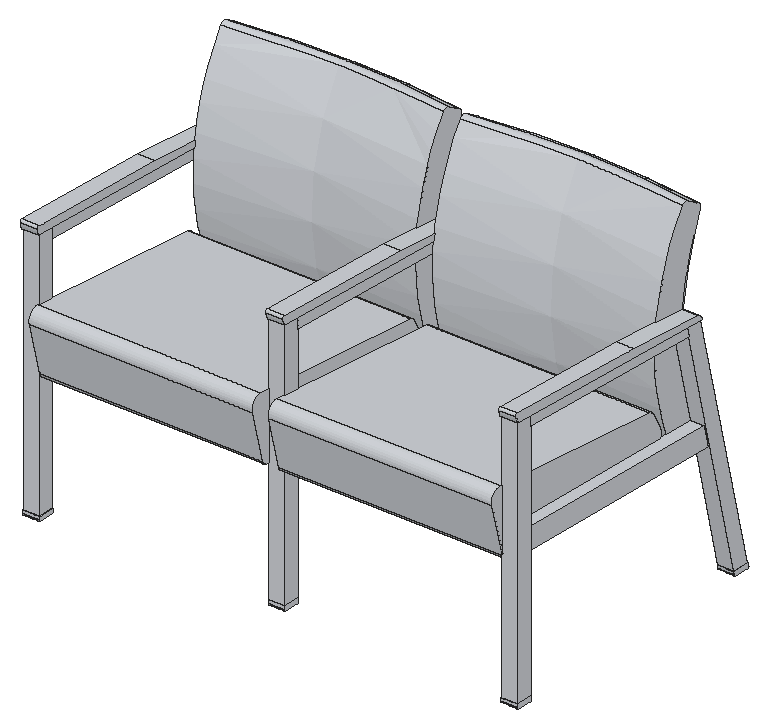
Revit family "Seat-LaZBoy-Kadia_Mod_Visitor_Seating-KAM20I", category Furniture, Revit 2017
Family settings
  OmniClass Number = 23.40.20.00
  OmniClass Title = General Furniture and Specialties
  Work Plane-Based = No
  Always vertical = Yes
  Cut with Voids When Loaded = No
  Shared = No
  Room Calculation Point = No
Parameters (values of type "Load by Type Catalog")
  Width = 47.00"  # constant formula
  URL = "https://www.la-z-boy.com/"
  Seat Material [instance] = none
  Product Documentation Link = "URL"
  Model = "KAM20IW"
  Manufacturer = "LaZBoy"
  Height = 33.25"  # constant formula
  Description = "2 Seat Guest Chair With Wood Arm Caps, Interveninig Arm Dimensions"
  Depth = 28.50"  # constant formula
  Copyright © = "Inc"
  Back Material [instance] = none
  Assembly Code = "E2020200"
  Armcap Material [instance] = none
  Arm Material [instance] = none
Reference planes (in)
  plane 1 "Center (Front/Back)": y = 0
  plane 2: z = 0
  plane 3 "Center (Left/Right)": x = 11.25
  plane 4: y = -14.25
  plane 5: x = -12.25
  plane 6: z = 33.25
  plane 7: y = 14.25
  plane 8: x = 34.75
  plane 9: x = -11.4375
  plane 10: x = 33.9375
  plane 11: x = -0.09375
  plane 12: x = 22.59375
  plane 13: y = 11.5704
Forms (in)
  Sweep 1, solid, material <- "Back Material"
    path origin (0, -1.5, 0) x (1, 0, 0) y (0, 1, 0)
      loop
        arc (-11.25, 6.92517) -> (0, 7.82281) -> (11.25, 6.92517) r 70.94589
    profile origin (0, 6.32281, 0) x (0, 1, 0) y (0, 0, 1)
      loop
        arc (3.5655, 32.99495) -> (3.1973, 33.04777) -> (2.89451, 32.8317) r 0.5
        arc (2.89451, 32.8317) -> (-0.32773, 22.94208) -> (1.68612, 12.73757) r 20.62466
        arc (1.68612, 12.73757) -> (1.87058, 12.53145) -> (2.13639, 12.45494) r 0.5
        line (2.13639, 12.45494) -> (3.6764, 12.45494)
        arc (3.6764, 12.45494) -> (4.50884, 12.90083) -> (4.59893, 13.84086) r 1
        arc (4.59893, 13.84086) -> (3.52738, 16.86523) -> (2.79866, 19.98997) r 28.8197
        arc (2.79866, 19.98997) -> (2.6535, 21.40456) -> (2.71045, 22.82543) r 10
        arc (2.71045, 22.82543) -> (3.52285, 27.34395) -> (4.92874, 31.71436) r 34.45688
        arc (4.92874, 31.71436) -> (4.93628, 32.06306) -> (4.71401, 32.33185) r 0.5
        line (4.71401, 32.33185) -> (3.5655, 32.99495)
  Extrusion 2, void
    sketch origin (0, 0, 0) x (1, 0, 0) y (0, 1, 0)
      loop
        line (-10.625, 5.10559) -> (10.4375, 5.10559) -> (10.4375, 12.81994) -> (-10.625, 12.81994) -> (-10.625, 5.10559)
      loop
        line (-12.64211, 13.40268) -> (-12.64211, 3.83736) -> (12.60789, 3.83736) -> (12.60789, 13.40268) -> (-12.64211, 13.40268)
    from 0 to 36.64548
  Extrusion 3, solid, material <- "Seat Material"
    sketch origin (0, 0, 0) x (0, 1, 0) y (0, 0, 1)
      loop
        line (-14.20977, 17.31062) -> (-12.97981, 12.5796)
        arc (-12.97981, 12.5796) -> (-12.80573, 12.31297) -> (-12.50598, 12.20551) r 0.5
        line (-12.50598, 12.20551) -> (-11.38081, 12.18281)
        arc (-11.38081, 12.18281) -> (-11.29166, 12.21765) -> (-11.25325, 12.30532) r 0.12505
        line (-11.25325, 12.30532) -> (-11.20993, 14.45317) -> (5.29993, 14.12012)
        arc (5.29993, 14.12012) -> (5.65915, 14.23248) -> (5.8094, 14.57757) r 0.45291
        arc (5.8094, 14.57757) -> (5.74318, 15.0541) -> (5.56542, 15.50117) r 2.00636
        line (5.56542, 15.50117) -> (4.83996, 16.83345)
        arc (4.83996, 16.83345) -> (4.70704, 16.98141) -> (4.52178, 17.05378) r 0.43026
        arc (4.52178, 17.05378) -> (-4.32435, 18.04888) -> (-13.21148, 18.56177) r 163.74963
        arc (-13.21148, 18.56177) -> (-14.02361, 18.18593) -> (-14.20977, 17.31062) r 1
    from -10.6875 to 10.5
  Extrusion 4, solid, material <- "Seat Material"
    sketch origin (22.5, 0, 0) x (0, 1, 0) y (0, 0, -1)
      loop
        arc (-14.20977, -17.31062) -> (-14.02361, -18.18593) -> (-13.21148, -18.56177) r 1
        arc (-13.21148, -18.56177) -> (-4.32435, -18.04888) -> (4.52178, -17.05378) r 163.74963
        arc (4.52178, -17.05378) -> (4.70704, -16.98141) -> (4.83996, -16.83345) r 0.43026
        line (4.83996, -16.83345) -> (5.56542, -15.50117)
        arc (5.56542, -15.50117) -> (5.74318, -15.0541) -> (5.8094, -14.57757) r 2.00636
        arc (5.8094, -14.57757) -> (5.65915, -14.23248) -> (5.29993, -14.12012) r 0.45291
        line (5.29993, -14.12012) -> (-11.20993, -14.45317) -> (-11.25325, -12.30532)
        arc (-11.25325, -12.30532) -> (-11.29166, -12.21765) -> (-11.38081, -12.18281) r 0.12505
        line (-11.38081, -12.18281) -> (-12.50598, -12.20551)
        arc (-12.50598, -12.20551) -> (-12.80573, -12.31297) -> (-12.97981, -12.5796) r 0.5
        line (-12.97981, -12.5796) -> (-14.20977, -17.31062)
    from -10.6875 to 10.5
  Sweep 5, solid, material <- "Back Material"
    path origin (22.5, -1.5, 0) x (-1, 0, 0) y (0, -1, 0)
      loop
        arc (-11.25, -6.92517) -> (0, -7.82281) -> (11.25, -6.92517) r 70.94589
    profile origin (22.5, 6.32281, 0) x (0, -1, 0) y (0, 0, 1)
      loop
        line (-3.5655, 32.99495) -> (-4.71401, 32.33185)
        arc (-4.71401, 32.33185) -> (-4.93628, 32.06306) -> (-4.92874, 31.71436) r 0.5
        arc (-4.92874, 31.71436) -> (-3.52285, 27.34395) -> (-2.71045, 22.82543) r 34.45688
        arc (-2.71045, 22.82543) -> (-2.6535, 21.40456) -> (-2.79866, 19.98997) r 10
        arc (-2.79866, 19.98997) -> (-3.52738, 16.86523) -> (-4.59893, 13.84086) r 28.8197
        arc (-4.59893, 13.84086) -> (-4.50884, 12.90083) -> (-3.6764, 12.45494) r 1
        line (-3.6764, 12.45494) -> (-2.13639, 12.45494)
        arc (-2.13639, 12.45494) -> (-1.87058, 12.53145) -> (-1.68612, 12.73757) r 0.5
        arc (-1.68612, 12.73757) -> (0.32773, 22.94208) -> (-2.89451, 32.8317) r 20.62466
        arc (-2.89451, 32.8317) -> (-3.1973, 33.04777) -> (-3.5655, 32.99495) r 0.5
  Extrusion 6, void
    sketch origin (22.5, 0, 0) x (-1, 0, 0) y (0, -1, 0)
      loop
        line (-10.625, -5.10559) -> (-10.625, -12.81994) -> (10.4375, -12.81994) -> (10.4375, -5.10559) -> (-10.625, -5.10559)
      loop
        line (-12.64211, -13.40268) -> (12.60789, -13.40268) -> (12.60789, -3.83736) -> (-12.64211, -3.83736) -> (-12.64211, -13.40268)
    from 0 to 36.64548
  Extrusion 7, solid, material <- "Arm Material"
    sketch origin (-50.875, 0, 0) x (0, 1, 0) y (0, 0, 1)
      loop
        line (-11.53552, 23.46763) -> (7.29722, 22.74599) -> (7.06924, 23.69802) -> (-11.53552, 24.41093) -> (-11.53552, 23.46763)
    from 38.6875 to 40.1875
  Extrusion 8, solid, material <- "Arm Material"
    sketch origin (-28.1875, 0, 0) x (0, 1, 0) y (0, 0, 1)
      loop
        line (-10.78261, 23.43878) -> (8.0571, 22.71688) -> (7.82913, 23.66891) -> (-10.78261, 24.38208) -> (-10.78261, 23.43878)
    from 38.6875 to 40.1875
  Extrusion 9, solid, material <- "Arm Material"
    sketch origin (-5.5, 0, 0) x (0, 1, 0) y (0, 0, 1)
      loop
        line (-11.53552, 23.46763) -> (7.29722, 22.74599) -> (7.06924, 23.69802) -> (-11.53552, 24.41093) -> (-11.53552, 23.46763)
    from 38.6875 to 40.1875
Cuts and joins
  Extrusion 2 cuts Sweep 1
  Extrusion 6 cuts Sweep 5
Lines and regions (in)
  Masking region 1
    outline origin (0, 0, 0) x (1, 0, 0) y (0, 1, 0)
      loop
        line (-10.325, -14.25) -> (10.10625, -14.25)
        arc (10.10625, -14.25) -> (10.31838, -14.16213) -> (10.40625, -13.95) r 0.3
        line (10.40625, -13.95) -> (10.40625, -13.33199) -> (11.90625, -13.33199) -> (11.90625, -13.95)
        arc (11.90625, -13.95) -> (11.99412, -14.16213) -> (12.20625, -14.25) r 0.3
        line (12.20625, -14.25) -> (32.79375, -14.25)
        arc (32.79375, -14.25) -> (33.00588, -14.16213) -> (33.09375, -13.95) r 0.3
        line (33.09375, -13.95) -> (33.09375, 10.8155)
        arc (33.09375, 10.8155) -> (22.5475, 11.57038) -> (12, 10.83327) r 74.9285
        line (12, 10.83327) -> (10.58923, 10.83327) -> (10.5, 10.81102)
        arc (10.5, 10.81102) -> (-0.06171, 11.57037) -> (-10.625, 10.83327) r 74.9285
        line (-10.625, 10.83327) -> (-10.625, -13.95)
        arc (-10.625, -13.95) -> (-10.53713, -14.16213) -> (-10.325, -14.25) r 0.3
  symbolic lines, detail levels medium+fine
    curve 1: arc (-10.625, 5.20046, 0) -> (-0.125, 5.97698, 0) -> (10.375, 5.20046, 0) r 71.37793
    curve 2: arc (33.125, 5.20046, 0) -> (22.625, 5.97698, 0) -> (12.125, 5.20046, 0) r 71.37793
    curve 3: line (-9.93294, 5.29993, 0) -> (9.68294, 5.29993, 0)
    curve 4: line (12.81706, 5.29993, 0) -> (32.43294, 5.29993, 0)
Dimensions and locks (in)
  "Height": plane 6 to plane 2
  equal spacing: plane 7, plane 1 "Center (Front/Back)", plane 4
  "Depth": plane 4 to plane 7
  locked: plane 5 to plane 9 at 0.8125
  locked: plane 10 to plane 8 at 0.8125
  "Width": plane 5 to plane 8
  equal spacing: plane 5, plane 3 "Center (Left/Right)", plane 8
  equal spacing: plane 9, plane 11, plane 3 "Center (Left/Right)"
  equal spacing: plane 3 "Center (Left/Right)", plane 12, plane 10
  Extrusion 2 sketch curve to Extrusion 2 sketch curve = 21.0625"
  locked: plane 7 to plane 13 at 2.6796
  Extrusion 6 sketch curve to Extrusion 6 sketch curve = 21.0625"
  aligned and locked: level to plane 2
  aligned and locked: plane 3 "Center (Left/Right)" to nested 2
  aligned and locked: plane 3 "Center (Left/Right)" to nested 4
  aligned and locked: plane 1 "Center (Front/Back)" to nested 4
Automatic sketch dimensions
  curve 1 to plane 11 = 0.03125"
  plane 12 to curve 2 = 0.03125"
  plane 4 to curve 2 = 51.15094"
  curve 1 to curve 2 = 0.00"
  plane 9 to curve 3 = 1.50456"
  curve 1 to curve 3 = 0.69206"
  curve 3 to curve 1 = 0.69206"
  plane 3 "Center (Left/Right)" to curve 2 = 0.875"
  curve 2 to curve 4 = 0.69206"
  curve 4 to curve 2 = 0.69206"
  curve 1 to plane 1 "Center (Front/Back)" = 5.20046"
  curve 2 to plane 1 "Center (Front/Back)" = 5.20046"
  Sweep 1 sketch curve to plane 3 "Center (Left/Right)" = 0.00"
  plane 11 to Sweep 1 sketch curve = 0.09375"
  plane 4 to Sweep 1 sketch curve = 50.37308"
  plane 9 to Sweep 1 sketch curve = 0.1875"
  Sweep 1 sketch curve to plane 1 "Center (Front/Back)" = 5.42517"
  Sweep 1 sketch curve to profile plane = 2.13639"
  Sweep 1 sketch curve to profile plane = 3.3155"
  Sweep 1 sketch curve to Sweep 1 sketch curve = 0.25"  (x2)
  Sweep 1 sketch curve to Sweep 1 sketch curve = 1.54001"
  Sweep 1 sketch curve to Sweep 1 sketch curve = 1.14852"
  Sweep 1 sketch curve to Sweep 1 sketch curve = 8.97226"
  Sweep 1 sketch curve to Sweep 1 sketch curve = 7.61108"
  Sweep 1 sketch curve to Sweep 1 sketch curve = 10.92633"
  Sweep 1 sketch curve to Sweep 1 sketch curve = 5.76835"
  profile plane to Sweep 1 sketch curve = 12.45494"
  Sweep 1 sketch curve to Sweep 1 sketch curve = 0.50"
  Sweep 1 sketch curve to Sweep 1 sketch curve = 1.00"
  profile plane to Sweep 1 sketch curve = 19.00091"
  Sweep 1 sketch curve to Sweep 1 sketch curve = 2.70311"
  Sweep 1 sketch curve to Sweep 1 sketch curve = 0.01147"
  Sweep 1 sketch curve to Sweep 1 sketch curve = 5.96196"
  Sweep 1 sketch curve to Sweep 1 sketch curve = 10.18335"
  Sweep 1 sketch curve to Sweep 1 sketch curve = 0.43301"  (x2)
  Sweep 1 sketch curve to Sweep 1 sketch curve = 0.6631"
  Sweep 1 sketch curve to Sweep 1 sketch curve = 0.00"  (x3)
  Sweep 1 sketch curve to profile plane = 2.71045"
  Extrusion 2 sketch curve to plane 5 = 0.39211"
  plane 9 to Extrusion 2 sketch curve = 0.8125"
  Extrusion 2 sketch curve to plane 3 "Center (Left/Right)" = 0.8125"
  plane 3 "Center (Left/Right)" to Extrusion 2 sketch curve = 1.35789"
  Extrusion 2 sketch curve to plane 1 "Center (Front/Back)" = 3.83736"
  Extrusion 2 sketch curve to Extrusion 2 sketch curve = 1.26823"
  Extrusion 2 sketch curve to plane 13 = 1.24954"
  Extrusion 2 sketch curve to plane 7 = 0.84732"
  plane 4 to Extrusion 3 sketch curve = 3.94909"
  Extrusion 3 sketch curve to plane 4 = 0.04023"
  Extrusion 3 sketch curve to Extrusion 3 sketch curve = 0.96783"
  Extrusion 3 sketch curve to plane 4 = 1.27019"
  Extrusion 3 sketch curve to Extrusion 3 sketch curve = 0.47383"
  Extrusion 3 sketch curve to Extrusion 3 sketch curve = 0.48391"
  Extrusion 3 sketch curve to Extrusion 3 sketch curve = 1.12518"
  Extrusion 3 sketch curve to Extrusion 3 sketch curve = 0.00252"
  Extrusion 3 sketch curve to Extrusion 3 sketch curve = 0.12503"
  Extrusion 3 sketch curve to Extrusion 3 sketch curve = 0.04333"
  Extrusion 3 sketch curve to plane 1 "Center (Front/Back)" = 3.80336"
  Extrusion 3 sketch curve to Extrusion 3 sketch curve = 0.65872"
  Extrusion 3 sketch curve to Extrusion 3 sketch curve = 0.37787"
  Extrusion 3 sketch curve to Extrusion 3 sketch curve = 1.49656"
  Extrusion 3 sketch curve to Extrusion 3 sketch curve = 0.05664"
  Extrusion 3 sketch curve to Extrusion 3 sketch curve = 0.20885"
  Extrusion 3 sketch curve to level = 145.11188"
  level to Extrusion 3 sketch curve = 12.18281"
  Extrusion 3 sketch curve to Extrusion 3 sketch curve = 0.0227"
  Extrusion 3 sketch curve to Extrusion 3 sketch curve = 0.12251"
  Extrusion 3 sketch curve to Extrusion 3 sketch curve = 0.37409"
  level to Extrusion 3 sketch curve = 14.12012"
  Extrusion 3 sketch curve to Extrusion 3 sketch curve = 0.42156"
  Extrusion 3 sketch curve to Extrusion 3 sketch curve = 0.44935"
  Extrusion 3 sketch curve to Extrusion 3 sketch curve = 0.9317"
  Extrusion 3 sketch curve to Extrusion 3 sketch curve = 1.12651"
  Extrusion 3 sketch curve to Extrusion 3 sketch curve = 0.20576"
  Extrusion 3 sketch curve to Extrusion 3 sketch curve = 2.85745"
  Extrusion 3 sketch curve to Extrusion 3 sketch curve = 0.25161"
  Extrusion 3 sketch curve to Extrusion 3 sketch curve = 0.00"
  plane 4 to Extrusion 4 sketch curve = 3.94909"
  Extrusion 4 sketch curve to plane 4 = 0.04023"
  Extrusion 4 sketch curve to Extrusion 4 sketch curve = 0.96783"
  Extrusion 4 sketch curve to plane 4 = 1.27019"
  Extrusion 4 sketch curve to Extrusion 4 sketch curve = 0.47383"
  Extrusion 4 sketch curve to Extrusion 4 sketch curve = 0.48391"
  Extrusion 4 sketch curve to Extrusion 4 sketch curve = 1.12518"
  Extrusion 4 sketch curve to Extrusion 4 sketch curve = 0.00252"  (x2)
  Extrusion 4 sketch curve to Extrusion 4 sketch curve = 0.12503"
  Extrusion 4 sketch curve to Extrusion 4 sketch curve = 0.04333"
  Extrusion 4 sketch curve to plane 1 "Center (Front/Back)" = 3.80336"
  Extrusion 4 sketch curve to Extrusion 4 sketch curve = 0.65872"
  Extrusion 4 sketch curve to Extrusion 4 sketch curve = 0.37787"
  Extrusion 4 sketch curve to Extrusion 4 sketch curve = 1.49656"
  Extrusion 4 sketch curve to Extrusion 4 sketch curve = 0.05664"
  Extrusion 4 sketch curve to Extrusion 4 sketch curve = 0.20885"
  Extrusion 4 sketch curve to plane 6 = 15.68776"
  Extrusion 4 sketch curve to Extrusion 4 sketch curve = 0.25161"
  Extrusion 4 sketch curve to plane 6 = 16.41655"
  Extrusion 4 sketch curve to Extrusion 4 sketch curve = 0.20576"
  Extrusion 4 sketch curve to Extrusion 4 sketch curve = 1.33228"
  Extrusion 4 sketch curve to Extrusion 4 sketch curve = 0.9317"
  Extrusion 4 sketch curve to Extrusion 4 sketch curve = 0.02779"
  Extrusion 4 sketch curve to Extrusion 4 sketch curve = 3.10907"
  Extrusion 4 sketch curve to Extrusion 4 sketch curve = 0.44935"
  Extrusion 4 sketch curve to Extrusion 4 sketch curve = 0.40009"
  Extrusion 4 sketch curve to Extrusion 4 sketch curve = 0.12581"
  Extrusion 4 sketch curve to level = 145.11188"
  Extrusion 4 sketch curve to Extrusion 4 sketch curve = 0.00"
  Sweep 5 sketch curve to plane 3 "Center (Left/Right)" = 0.00"
  Sweep 5 sketch curve to plane 12 = 0.09375"
  plane 4 to Sweep 5 sketch curve = 50.37308"
  plane 10 to Sweep 5 sketch curve = 0.1875"
  Sweep 5 sketch curve to plane 1 "Center (Front/Back)" = 5.42517"
  profile plane to Sweep 5 sketch curve = 19.00091"
  profile plane to Sweep 5 sketch curve = 36.95443"
  Sweep 5 sketch curve to Sweep 5 sketch curve = 5.76835"
  Sweep 5 sketch curve to Sweep 5 sketch curve = 10.92633"
  Sweep 5 sketch curve to Sweep 5 sketch curve = 7.61108"
  profile plane to Sweep 5 sketch curve = 4.71401"
  Sweep 5 sketch curve to Sweep 5 sketch curve = 0.25"  (x2)
  profile plane to Sweep 5 sketch curve = 3.6764"
  Sweep 5 sketch curve to Sweep 5 sketch curve = 1.14852"
  Sweep 5 sketch curve to Sweep 5 sketch curve = 1.54001"
  profile plane to Sweep 5 sketch curve = 13.45494"
  Sweep 5 sketch curve to Sweep 5 sketch curve = 0.50"
  Sweep 5 sketch curve to Sweep 5 sketch curve = 1.00"
  Sweep 5 sketch curve to Sweep 5 sketch curve = 2.70311"
  Sweep 5 sketch curve to Sweep 5 sketch curve = 0.01147"
  Sweep 5 sketch curve to Sweep 5 sketch curve = 5.96196"
  Sweep 5 sketch curve to Sweep 5 sketch curve = 10.18335"
  Sweep 5 sketch curve to Sweep 5 sketch curve = 0.43301"  (x2)
  Sweep 5 sketch curve to Sweep 5 sketch curve = 0.6631"
  Sweep 5 sketch curve to Sweep 5 sketch curve = 0.00"  (x4)
  Extrusion 6 sketch curve to plane 8 = 0.39211"
  plane 10 to Extrusion 6 sketch curve = 0.8125"
  plane 3 "Center (Left/Right)" to Extrusion 6 sketch curve = 0.8125"
  Extrusion 6 sketch curve to plane 3 "Center (Left/Right)" = 1.35789"
  Extrusion 6 sketch curve to plane 7 = 0.84732"
  Extrusion 6 sketch curve to plane 13 = 1.24954"
  Extrusion 6 sketch curve to plane 1 "Center (Front/Back)" = 5.10559"
  Extrusion 6 sketch curve to Extrusion 6 sketch curve = 1.26823"
  plane 4 to Masking region 1 sketch curve = 0.00"  (x2)
  plane 9 to Masking region 1 sketch curve = 0.8125"
  Masking region 1 sketch curve to plane 4 = 0.30"  (x2)
  Masking region 1 sketch curve to plane 11 = 0.04687"
  Masking region 1 sketch curve to plane 3 "Center (Left/Right)" = 1.14375"
  Masking region 1 sketch curve to Masking region 1 sketch curve = 0.30"  (x2)
  Masking region 1 sketch curve to plane 3 "Center (Left/Right)" = 0.75"
  Masking region 1 sketch curve to Masking region 1 sketch curve = 0.08923"
  plane 3 "Center (Left/Right)" to Masking region 1 sketch curve = 0.65625"
  plane 3 "Center (Left/Right)" to Masking region 1 sketch curve = 0.75"
  Masking region 1 sketch curve to plane 12 = 0.10937"
  plane 10 to Masking region 1 sketch curve = 1.14375"
  plane 4 to Masking region 1 sketch curve = 49.10809"
  Masking region 1 sketch curve to Masking region 1 sketch curve = 0.00"
  Masking region 1 sketch curve to Masking region 1 sketch curve = 0.61801"
  plane 13 to Masking region 1 sketch curve = 0.75939"
  plane 13 to Masking region 1 sketch curve = 0.75491"
  Extrusion 7 sketch curve to plane 4 = 2.71448"
  plane 13 to Extrusion 7 sketch curve = 4.50116"
  Extrusion 7 sketch curve to Extrusion 7 sketch curve = 0.22798"
  Extrusion 7 sketch curve to plane 6 = 10.50401"
  Extrusion 7 sketch curve to plane 6 = 9.78237"
  Extrusion 7 sketch curve to Extrusion 7 sketch curve = 0.95203"
  Extrusion 7 sketch curve to Extrusion 7 sketch curve = 0.9433"
  Extrusion 8 sketch curve to plane 4 = 3.46739"
  plane 13 to Extrusion 8 sketch curve = 3.74128"
  Extrusion 8 sketch curve to Extrusion 8 sketch curve = 0.22798"
  Extrusion 8 sketch curve to plane 6 = 10.53312"
  Extrusion 8 sketch curve to plane 6 = 9.81122"
  Extrusion 8 sketch curve to Extrusion 8 sketch curve = 0.95203"
  Extrusion 8 sketch curve to Extrusion 8 sketch curve = 0.9433"
  Extrusion 9 sketch curve to plane 4 = 2.71448"
  plane 13 to Extrusion 9 sketch curve = 4.50116"
  Extrusion 9 sketch curve to Extrusion 9 sketch curve = 0.22798"
  Extrusion 9 sketch curve to plane 6 = 10.50401"
  Extrusion 9 sketch curve to plane 6 = 9.78237"
  Extrusion 9 sketch curve to Extrusion 9 sketch curve = 0.95203"
  Extrusion 9 sketch curve to Extrusion 9 sketch curve = 0.9433"
Nested families (in)
  nested 1: "KAM-Legs" at (-11.4375, -0.62521, 0), type "Standard"
  nested 2: "KAM-Legs" at (11.25, 0.1277, 0) x (-1, 0, 0) z (0, 0, 1), type "Standard"
  nested 3: "KAM-Legs" at (33.9375, -0.62521, 0) x (-1, 0, 0) z (0, 0, 1), type "Standard"
  nested 4: "Label 1-16" at (11.25, 0, 0), type "Center", detail levels fine
    with Offset (LR) 0.00"
Definition of nested family "KAM-Legs"
  Parameters (values of type "Standard")
    URL = ""
    Model = ""
    Manufacturer = ""
    Description = ""
    Assembly Code = "E2020200"
    Armcap Material = none
    Arm Material = none
  Reference planes (in)
    plane 1 "Center (Front/Back)": y = 0
    plane 2: z = 0
    plane 3 "Center (Left/Right)": x = 0
    plane 4 "Left": x = -0.75
    plane 5 "Right": x = 0.75
    plane 6 "Top": z = 7.875
    plane 7: z = 3.9375
    plane 8: y = 14.87521
    plane 9: y = -12.70677
    plane 10: x = -0.8125
    plane 11: x = 0.8125
  Forms (in)
    Extrusion 1, solid, material <- "Arm Material"
      sketch origin (0, 0, 0) x (0, 1, 0) y (0, 0, 1)
        loop
          line (14.77719, 0.5562) -> (9.21278, 23.70234) -> (7.67912, 23.76206) -> (13.2361, 0.5562) -> (14.77719, 0.5562)
        loop
          line (-10.91031, 0.54831) -> (-10.91031, 24.62591) -> (-12.39735, 24.62591) -> (-12.39735, 0.54831) -> (-10.91031, 0.54831)
      from -0.75 to 0.75
    Extrusion 2, solid, material <- "Armcap Material"
      sketch origin (0, 0, 0) x (0, 1, 0) y (0, 0, 1)
        loop
          line (9.31962, 23.63575) -> (9.28113, 23.81681)
          arc (9.28113, 23.81681) -> (9.14966, 24.04635) -> (8.90912, 24.15643) r 0.43259
          arc (8.90912, 24.15643) -> (5.08499, 24.53404) -> (1.2488, 24.75811) r 95.87237
          line (1.2488, 24.75811) -> (-12.47645, 25.28404)
          arc (-12.47645, 25.28404) -> (-12.65161, 25.20907) -> (-12.70444, 25.026) r 0.22237
          arc (-12.70444, 25.026) -> (-12.635, 24.74221) -> (-12.52223, 24.47269) r 1.87069
          line (-12.52223, 24.47269) -> (9.31962, 23.63575)
      from -0.8125 to 0.8125
    Extrusion 3, solid
      sketch origin (0, 0.00399, 0) x (1, 0, 0) y (0, 1, 0)
        loop
          circle (0, 14.05016) r 0.56382
        loop
          circle (0, -11.66859) r 0.56382
      from 0 to 0.262
    Extrusion 4, solid, material <- "Arm Material"
      sketch origin (0, 0, 0) x (0, 1, 0) y (0, 0, 1)
        loop
          line (9.94865, 14.28456) -> (-10.91031, 14.70467) -> (-10.91031, 12.70427) -> (10.42999, 12.27446) -> (9.94865, 14.28456)
      from 0.75 to -0.5
    Extrusion 5, solid
      sketch origin (0, 0, 0) x (0, 1, 0) y (0, 0, 1)
        loop
          line (14.80347, 0.5562) -> (13.20606, 0.5562) -> (13.28835, 0.19977)
          arc (13.28835, 0.19977) -> (13.33819, 0.12079) -> (13.42636, 0.09) r 0.14163
          line (13.42636, 0.09) -> (14.75158, 0.09)
          arc (14.75158, 0.09) -> (14.85088, 0.1379) -> (14.87521, 0.24543) r 0.12689
          line (14.87521, 0.24543) -> (14.80347, 0.5562)
        loop
          line (-10.88531, 0.54831) -> (-12.43327, 0.54831) -> (-12.43327, 0.21253)
          arc (-12.43327, 0.21253) -> (-12.39854, 0.12868) -> (-12.31468, 0.09394) r 0.11859
          line (-12.31468, 0.09394) -> (-11.00771, 0.09394)
          arc (-11.00771, 0.09394) -> (-10.92116, 0.12979) -> (-10.88531, 0.21634) r 0.1224
          line (-10.88531, 0.21634) -> (-10.88531, 0.54831)
      from 0.79 to -0.79
  Lines and regions (in)
    Masking region 1
      outline origin (0, 0, 0) x (1, 0, 0) y (0, 1, 0)
        loop
          line (-0.75, 14.87521) -> (-0.75, 9.31962) -> (-0.8125, 9.31962) -> (-0.8125, -12.70677) -> (0.8125, -12.70677) -> (0.8125, 9.31962) -> (0.75, 9.31962) -> (0.75, 14.87521) -> (-0.75, 14.87521)
    symbolic lines, detail levels medium+fine
      curve 1: line (-0.75, 9.31962, 0) -> (0.75, 9.31962, 0)
  Dimensions and locks (in)
    equal spacing: plane 4 "Left", plane 3 "Center (Left/Right)", plane 5 "Right"
    plane 2 to plane 6 "Top" = 7.875"
    equal spacing: plane 6 "Top", plane 7, plane 2
    aligned and locked: level to plane 2
    aligned and locked: Masking region 1 sketch curve to plane 8
    aligned and locked: Masking region 1 sketch curve to plane 4 "Left"
    aligned and locked: plane 5 "Right" to Masking region 1 sketch curve
    aligned and locked: Masking region 1 sketch curve to plane 9
    aligned and locked: Masking region 1 sketch curve to Extrusion 2
    aligned and locked: Extrusion 2 to Masking region 1 sketch curve
  Automatic sketch dimensions
    Extrusion 3 sketch curve to plane 3 "Center (Left/Right)" = 0.00"  (x2)
    Extrusion 4 sketch curve to Extrusion 4 sketch curve = 0.48135"
    Extrusion 4 sketch curve to plane 6 "Top" = 4.39946"
    Extrusion 4 sketch curve to plane 6 "Top" = 4.82927"
    Extrusion 3 sketch curve to plane 1 "Center (Front/Back)" = 14.05415"
    Extrusion 4 sketch curve to plane 6 "Top" = 6.40956"
    plane 1 "Center (Front/Back)" to Extrusion 3 sketch curve = 11.6646"
    Extrusion 1 sketch curve to plane 9 = 0.30942"
    Extrusion 1 sketch curve to Extrusion 1 sketch curve = 1.48705"
    Extrusion 1 sketch curve to plane 8 = 0.09802"
    level to Extrusion 1 sketch curve = 0.54831"
    level to Extrusion 1 sketch curve = 0.5562"
    Extrusion 1 sketch curve to plane 6 "Top" = 16.75091"
    Extrusion 1 sketch curve to plane 8 = 7.19609"
    Extrusion 1 sketch curve to Extrusion 1 sketch curve = 1.53366"
    Extrusion 1 sketch curve to Extrusion 1 sketch curve = 1.54109"
    Extrusion 1 sketch curve to Extrusion 1 sketch curve = 0.05972"
    Extrusion 1 sketch curve to plane 6 "Top" = 15.82734"
    Extrusion 4 sketch curve to Extrusion 4 sketch curve = 2.00041"
    Extrusion 4 sketch curve to plane 9 = 1.79647"
    Extrusion 4 sketch curve to plane 8 = 4.44522"
    Extrusion 2 sketch curve to plane 9 = 0.18455"
    Extrusion 2 sketch curve to plane 9 = 0.2218"
    Extrusion 2 sketch curve to Extrusion 2 sketch curve = 0.00851"
    Extrusion 2 sketch curve to Extrusion 2 sketch curve = 1.61828"
    plane 1 "Center (Front/Back)" to Extrusion 2 sketch curve = 2.42217"
    Extrusion 2 sketch curve to plane 1 "Center (Front/Back)" = 1.2488"
    Extrusion 2 sketch curve to plane 8 = 6.01722"
    Extrusion 2 sketch curve to Extrusion 2 sketch curve = 0.42314"
    Extrusion 2 sketch curve to Extrusion 2 sketch curve = 0.03849"
    Extrusion 2 sketch curve to level = 71.04395"
    Extrusion 2 sketch curve to plane 6 "Top" = 15.76075"
    Extrusion 2 sketch curve to Extrusion 2 sketch curve = 0.09112"
    Extrusion 2 sketch curve to Extrusion 2 sketch curve = 0.18106"
    Extrusion 2 sketch curve to plane 6 "Top" = 16.59769"
    Extrusion 2 sketch curve to Extrusion 2 sketch curve = 1.03124"
    Extrusion 2 sketch curve to Extrusion 2 sketch curve = 0.58913"
    Extrusion 2 sketch curve to Extrusion 2 sketch curve = 0.22221"
    Extrusion 2 sketch curve to Extrusion 2 sketch curve = 0.04331"
    Extrusion 5 sketch curve to plane 8 = 0.00"
    Extrusion 5 sketch curve to plane 8 = 0.07175"
    Extrusion 5 sketch curve to plane 8 = 0.12364"
    level to Extrusion 5 sketch curve = 0.23163"
    Extrusion 5 sketch curve to Extrusion 5 sketch curve = 1.32522"
    level to Extrusion 5 sketch curve = 0.19977"
    Extrusion 5 sketch curve to Extrusion 5 sketch curve = 0.138"
    level to Extrusion 5 sketch curve = 0.5562"
    Extrusion 5 sketch curve to Extrusion 5 sketch curve = 0.08229"
    level to Extrusion 5 sketch curve = 0.21634"
    Extrusion 5 sketch curve to plane 9 = 1.82147"
    Extrusion 5 sketch curve to Extrusion 5 sketch curve = 0.1224"
    Extrusion 5 sketch curve to plane 9 = 0.39209"
    Extrusion 5 sketch curve to plane 9 = 0.2735"
    Extrusion 5 sketch curve to Extrusion 5 sketch curve = 0.12689"
    Extrusion 5 sketch curve to Extrusion 5 sketch curve = 0.33578"
    Masking region 1 sketch curve to plane 8 = 5.5556"
    Masking region 1 sketch curve to Masking region 1 sketch curve = 0.00"
    curve 1 to plane 4 "Left" = 0.00"
    curve 1 to plane 5 "Right" = 0.00"
    curve 1 to plane 8 = 5.5556"
    radius of Extrusion 3 sketch curve = 0.56382"  (x2)
Definition of nested family "Label 1-16"
  Parameters (values of type "Center")
    P_Width = 0.00"
    Text_Width = "Empty"
    Text_Height = "Empty"
    Text_Diameter = "Empty"
    Text_Depth = "Empty"
    Offset (LR) [instance] = 0.00"
    Model Name = "6961"
    P_Height = 0.00"
    Distance of Center (not Change) = 0.00"
    P_Diameter = 0.00"
    P_Depth = 0.00"
  Reference planes (in)
    plane 1: y = 0
    plane 2: x = 0
  Lines and regions (in)
    reference lines
      curve 1: line (-0.44359, 0, 0) -> (0.41085, 0, 0)
      curve 3: line (0, 0.32564, 0) -> (0, -0.40221, 0)
    reference lines, not visible
      curve 2: line (-0.44359, 0.09843, 0) -> (0.41085, 0.09843, 0)
      curve 4: line (0, 0.42407, 0) -> (0, -0.30379, 0)
  Text (in)
    label "Empty" at (0.00197, -0.0079, 0), shows "Model Name"
    label "Empty" at (0.00197, 0.09052, 0), shows "Model Name", not visible
  Dimensions and locks (in)
    "Distance of Center (not Change)": plane 1 to curve 1
    "Offset (LR)": curve 3 to plane 2
  Automatic sketch dimensions
    curve 1 to curve 3 = 0.44359"
    curve 3 to curve 1 = 0.41085"
    curve 3 to curve 1 = 0.40221"
    curve 1 to curve 3 = 0.32564"
    curve 2 to curve 4 = 0.44359"
    curve 4 to curve 2 = 0.41085"
    curve 4 to curve 2 = 0.40221"
    curve 2 to curve 4 = 0.32564"
Types in the file's own list only (3): name | Model | Description
  Wood Arm Caps | "KAM20IW" | "2 Seat Guest Chair With Wood Arm Caps, Interveninig Arm Dimensions"
  Urethane Arm Caps | "KAM20IU" | "2 Seat Guest Chair With Urethane Arm Caps, Interveninig Arm Dimensions"
  Solid Surface Arm Caps | "KAM20IJ" | "2 Seat Guest Chair With Solid Surface Arm Caps, Interveninig Arm Dimensions"
